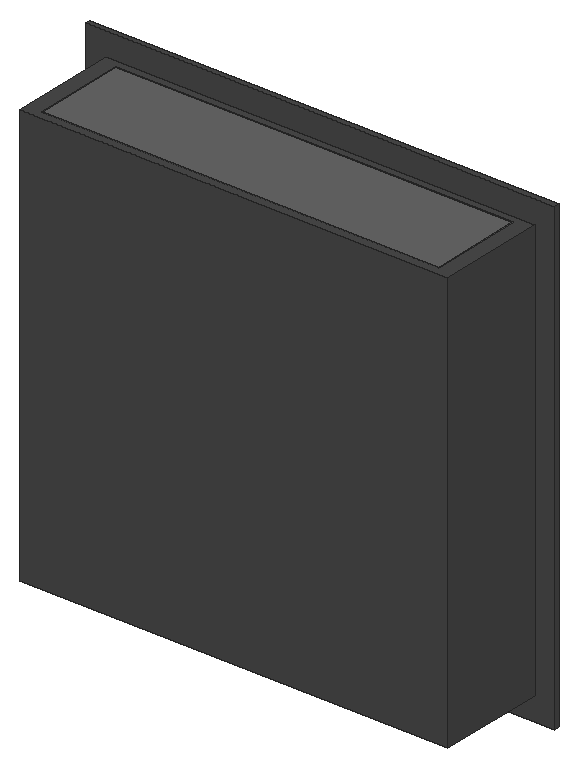
Revit family "Cypher-CY2", category Lighting Fixtures, host Wall, Revit 2021
Family settings
  Host = Wall
  Round Connector Dimension = Use Diameter
  Part Type = Normal
  OmniClass Number = 23.80.70.11.14
  OmniClass Title = General Luminaries, Directional
  Always vertical = Yes
  Cut with Voids When Loaded = No
  Light Source = Yes
  Shared = No
  Room Calculation Point = No
Parameters (values of type "CY2-45-5K7-1-WG-R")
  Watts = 52 W  # constant formula
  Wattage Comments = "52w"  # constant formula
  Wattage = 52 W
  Warranty = "Five year limited warranty "  # constant formula
  built-in parameter 1150110 = 1 (stored number, unit not read)
  Voltage = if([120 Voltage], 120 V, 270 V)  # 120 V
  URL = "https://www.currentlighting.com/aal"
  Up Distributions [instance] = yes
  built-in parameter 1114217 = 1 (stored number, unit not read)
  Tilt Angle = 90.00°
  built-in parameter 1150109 = 1 (stored number, unit not read)
  built-in parameter 1150134 = 2
  built-in parameter 1150113 = 1 (stored number, unit not read)
  Product Page URL = ""
  Product Documentation Link = ""
  Photometric Web File = "CY2-45-5K7-1-WG-R.IES"
  Photometric Notes = "More IES files download Photometric Web Link"  # constant formula
  built-in parameter 1150105 = 380.7 (stored number, unit not read)
  Lumens = 4784 lm
  built-in parameter 1150115 = 1 (stored number, unit not read)
  built-in parameter 1150137 = (empty or 0)
  built-in parameter 1150139 = (empty or 0)
  built-in parameter 1150112 = 1 (stored number, unit not read)
  built-in parameter 1150114 = 1 (stored number, unit not read)
  built-in parameter 1150132 = (empty or 0)
  built-in parameter 1150102 = (empty or 0)
  built-in parameter 1150107 = 5000 (stored number, unit not read)
  built-in parameter 1150138 = (empty or 0)
  built-in parameter 1150106 = 3.807 (stored number, unit not read)
  Glass = Black
  Power Factor = 1
  Features = "Integral Battery Backup Option\r\n• 360° Light Distribution\r\n• RGBW or Static White Luminous Front Option\r\n• IES Type I, II, III & IV Distributions\r\n• Wall Graze, Spot and Pencil Distributions\r\n• Multiple Fascia Options and Finishes\r\n• 0-10V dimming\r\n• IP-66 Housing & Optical System\r\n• 120-277, 347 and 480V\r\n• 3000K, 4000K & 5000K CCT\r\n• 10kA Surge Protection\r\n• Fascia Forms F and E are ADA compliant for use\r\nin low mounting height applications\r\n(80 inches or less)\r\n• IDA approved, downlight only, 3000K\r\nand warmer CCTs\r\n• Occupancy Sensor & Wireless\r\nControl Options"  # constant formula
  Fascia Form [instance] = Panel : Flat - Blank
  Model = "Cypher -CY2  Pedestrian Scale"  # constant formula
  Manufacturer = "Architectural Area Lighting"  # constant formula
  Load Classification = Lighting
  Lamp = "360° Light Distribution"  # constant formula
  Emit from Rectangle Width = 4.00"  # constant formula
  Emit from Rectangle Length = 2.00"  # constant formula
  Emit Shape Visible in Rendering = no
  built-in parameter 1150104 = 8.5471 (stored number, unit not read)
  Down Distributions [instance] = yes
  Dimming Lamp Color Temperature Shift = <None>
  Description = "Cypher allows designers to mix and match optics for best-in-class aesthetics and performance"  # constant formula
  Default Elevation = 0.00"
  Copyright = "Copyright to ARCHITECTURAL AREA LIGHTING"  # constant formula
  Contact us = ""
  Color Filter = 16777215
  Certification = "Luminaire shall be listed with UL for outdoor,\r\nwet location use, UL1598, UL 8750 and\r\nCanadian CSA Std. C22.2 no.250.\r\n• IP66 rated assembly\r\n• IDA approved, 3000K and warmer\r\nCCTs only.\r\n• DesignLights Consortium® (DLC) qualified.\r\nPlease refer to the DLC website for specific\r\nproduct qualifications at www.designlights.org.\r\n• ANSI C136.31-2010 4G Vibration tested\r\nand compliant.\r\n• Complies with Americans with Disabilities\r\nAct or ADA on select versions for low\r\nmounting height applications (fixtures extend\r\nmaximum of 4 inches from wall for mounting\r\nheights of 80 inches or less)."  # constant formula
  Box Finish = Matte Black
  built-in parameter 1114218 = 1 (stored number, unit not read)
  built-in parameter 1150133 = 10 (stored number, unit not read)
  Assembly Code = "D5020"
  Apparent Load = Watts / Power Factor  # 52 VA
  277 Voltage = not([120 Voltage])  # no
  120 Voltage = yes
Types (6): name | URL | Up Distributions | built-in parameter 1150134 | Photometric Web File | built-in parameter 1150105 | Lumens | built-in parameter 1150107 | built-in parameter 1150106 | Fascia Form | built-in parameter 1150104 | Down Distributions
  CY2-25-3K7-1-1-R | "https://www.currentlighting.com/aal" | no | (empty or 0) | "CY2-25-3K7-1-1-R.ies" | 401.39 (stored number, unit not read) | 5044 lm | 3000 (stored number, unit not read) | 4.0139 (stored number, unit not read) | Panel : Circle | 9.0116 (stored number, unit not read) | no
  CY2-25-3K7-1-4D-R | "https://www.currentlighting.com/aal" | no | 3 | "CY2-25-3K7-1-4D-R.IES" | 388.97 (stored number, unit not read) | 4888 lm | 3200 (stored number, unit not read) | 3.8897 (stored number, unit not read) | Panel : Flat - Blank | 8.7329 (stored number, unit not read) | yes
  CY2-35-5K7-1-1D-R | 0.00" | yes | 3 | "CY2-35-5K7-1-1D-R.ies" | 388.97 (stored number, unit not read) | 4888 lm | 3200 (stored number, unit not read) | 3.8897 (stored number, unit not read) | Panel : Flat - Blank | 8.7329 (stored number, unit not read) | yes
  CY2-35-4K7-1-3-R | "https://www.currentlighting.com/aal" | yes | 3 | "CY2-35-4K7-1-3-R.ies" | 388.97 (stored number, unit not read) | 4888 lm | 3200 (stored number, unit not read) | 3.8897 (stored number, unit not read) | Panel : Flat - Blank | 8.7329 (stored number, unit not read) | yes
  CY2-45-5K7-1-WG-R | "https://www.currentlighting.com/aal" | yes | 2 | "CY2-45-5K7-1-WG-R.IES" | 380.7 (stored number, unit not read) | 4784 lm | 5000 (stored number, unit not read) | 3.807 (stored number, unit not read) | Panel : Flat - Blank | 8.5471 (stored number, unit not read) | yes
  CY2-45-3K7-1-SP-R | "https://www.currentlighting.com/aal" | yes | 3 | "CY2-45-3K7-1-SP-R.IES" | 388.97 (stored number, unit not read) | 4888 lm | 3200 (stored number, unit not read) | 3.8897 (stored number, unit not read) | Panel : Flat - Blank | 8.7329 (stored number, unit not read) | yes
Reference planes (in)
  plane 1 "Wall": y = 0
  plane 2 "Center (Left/Right)": x = 4.92126
  plane 3 "Back": y = 2.95276
  plane 4: z = 67.32601
Text (in)
  text "Placement Side" at (-36.97918, 19.73443, 0), in view "Ref. Level"
  text "Placement side" at (0, 27.32912, 79.68064), in view "Left"
  text "Placement side" at (0, 10.24977, 82.91007), in view "Right"
Dimensions and locks (in)
  locked: plane 3 "Back" to host wall
  aligned and locked: plane 1 "Wall" to host wall
  aligned and locked: nested 1 to plane 2 "Center (Left/Right)"
  aligned and locked: nested 1 to plane 4
  aligned and locked: plane 2 "Center (Left/Right)" to imposter light
Nested families (in)
  nested 1: "Panel" at (4.92126, 2.95276, 67.32601) x (-1, 0, 0) z (0, 1, 0), type <- "Fascia Form", Panel <- "Box Finish", Glass <- "Glass", Up Distributions <- "Up Distributions", Down Distributions <- "Down Distributions", type "Flat - Blank"
    with Up Distributions yes, UP no, Panel Matte Black, Glass Black, Down Distributions yes, Down no
Connectors (in)
  electrical at (4.92126, 3.20276, 67.32601), driven by "Load Classification", driven by "Voltage", driven by "Apparent Load", driven by "Power Factor"
    settings: on nested 1, index 1, voltage 120 V, apparent load 52 VA, apparent load phase1 0 VA, apparent load phase2 0 VA, apparent load phase3 0 VA, power factor 1, load classification "Lighting", number of poles 1, system type 30, power factor state 1, is connector primary yes, connector utility no, sub classification motor no, connector description "Lighting Connector"
Definition of nested family "Panel"
  Parameters
    zz Length 4 = 15.00"
    zz Length 3 = 0.94"
    zz Length 2 = 13.50"
    zz Length 1 = 13.70"
    URL = ""
    Up Distributions [instance] = yes
    UP [instance] = not(Up Distributions)  # no
    Triangle = no
    Rounded = no
    Radius = yes
    Flat = no
    F-Open = no
    F-Blank = no
    R-4 Square = no
    R-Open = no
    Model = ""
    Manufacturer = ""
    R-Blank = no
    Panel [instance] = none
    Glass [instance] = none
    F-4 Square = no
    Down Distributions [instance] = yes
    Down [instance] = not(Down Distributions)  # no
    Description = ""
    Default Elevation = 48.00"
    Circle = no
  Reference planes (in)
    plane 1 "Center (Front/Back)": y = 0
    plane 2: z = 0
    plane 3 "Center (Left/Right)": x = 0
    plane 4: x = -7.85
    plane 5: y = 7.75
    plane 6: y = -7.75
    plane 7: x = 7.85
    plane 8: x = -2
    plane 9: x = 2
    plane 10: y = 2
    plane 11: y = -2
    plane 12: x = -6.85
    plane 13: x = 6.85
    plane 14: y = 6.75
    plane 15: y = -6.75
    plane 16: z = 6.9
    plane 17: x = -7.5
    plane 18: x = 7.5
    plane 19: y = -7.5
    plane 20: y = 7.5
    plane 21: z = 3.45
    plane 22: y = 7.31
    plane 23: y = -7.69
    plane 24: y = -6.75
    plane 25: z = 5.3
    plane 26: x = 8.9
    plane 27: x = -8.9
    plane 28: z = 5.7
    plane 29: z = 0.9
  Forms (in)
    Extrusion 1, solid
      sketch origin (0, 0, 0) x (1, 0, 0) y (0, 1, 0)
        loop
          line (-48, 48) -> (-48, -48) -> (48, -48) -> (48, 48) -> (-48, 48)
      from 0 to -12
    Extrusion 2, solid, material <- "Panel", visible <- "Radius"
      sketch origin (0, 0, -5.12088) x (1, 0, 0) y (0, 0, 1)
        loop
          line (-7.85, 7.62088) -> (-7.70499, 7.53216)
          arc (-7.70499, 7.53216) -> (0, 11.85088) -> (7.70499, 7.53216) r 9.03256
          line (7.70499, 7.53216) -> (7.85, 7.62088)
          arc (7.85, 7.62088) -> (0, 12.02088) -> (-7.85, 7.62088) r 9.20256
      from 7.69 to -7.31
    Extrusion 3, void
      sketch origin (0, 0, 0) x (1, 0, 0) y (0, 1, 0)
        loop
          line (-2, 2) -> (-2, -2) -> (2, -2) -> (2, 2) -> (-2, 2)
      from 7.43003 to 0.25
    Extrusion 4, solid, material <- "Glass", visible <- "R-Open"
      sketch origin (0, 0, -8.59835) x (1, 0, 0) y (0, 0, 1)
        loop
          line (-2, 15.27839) -> (-2, 15.19641)
          arc (-2, 15.19641) -> (0, 15.41835) -> (2, 15.19641) r 9.12256
          line (2, 15.19641) -> (2, 15.27839)
          arc (2, 15.27839) -> (0, 15.49835) -> (-2, 15.27839) r 9.20256
      from 2 to -2
    Extrusion 5, solid, material <- "Panel", visible <- "R-Blank"
      sketch origin (0, 0, -8.65303) x (1, 0, 0) y (0, 0, 1)
        loop
          line (-2, 15.33095) -> (-2, 15.24912)
          arc (-2, 15.24912) -> (0, 15.46275) -> (2, 15.24912) r 9.46875
          line (2, 15.24912) -> (2, 15.33095)
          arc (2, 15.33095) -> (0, 15.54275) -> (-2, 15.33095) r 9.54875
      from 2 to -2
    Extrusion 6, solid, material <- "Panel", visible <- "R-4 Square"
      sketch origin (0, 0, -8.64522) x (1, 0, 0) y (0, 0, 1)
        loop
          line (-2, 15.32526) -> (-2, 15.24328)
          arc (-2, 15.24328) -> (0, 15.46522) -> (2, 15.24328) r 9.12256
          line (2, 15.24328) -> (2, 15.32526)
          arc (2, 15.32526) -> (0, 15.54522) -> (-2, 15.32526) r 9.20256
      from 2 to -2
    Extrusion 7, void
      sketch origin (0, 0, 0) x (1, 0, 0) y (0, 1, 0)
        loop
          line (-2, 2) -> (-2, 0.125) -> (-0.125, 0.125) -> (-0.125, 2) -> (-2, 2)
        loop
          line (2, 2) -> (0.125, 2) -> (0.125, 0.125) -> (2, 0.125) -> (2, 2)
        loop
          line (-2, -2) -> (-0.125, -2) -> (-0.125, -0.125) -> (-2, -0.125) -> (-2, -2)
        loop
          line (2, -2) -> (2, -0.125) -> (0.125, -0.125) -> (0.125, -2) -> (2, -2)
      from 7.47083 to 2.5679
    Extrusion 8, solid, material <- "Panel"
      sketch origin (0, 0, 0) x (1, 0, 0) y (0, 1, 0)
        loop
          line (-6.85, 6.75) -> (-6.85, -6.75) -> (6.85, -6.75) -> (6.85, 6.75) -> (-6.85, 6.75)
      from 0 to 3.45
    Extrusion 9, solid, material <- "Panel", visible <- "Flat"
      sketch origin (0, 0, 0) x (1, 0, 0) y (0, 1, 0)
        loop
          line (-7.5, 7.5) -> (-7.5, -7.5) -> (7.5, -7.5) -> (7.5, 7.5) -> (-7.5, 7.5)
      from 3.45 to 3.6
    Extrusion 10, solid, material <- "Panel", visible <- "F-Blank"
      sketch origin (0, 0, 0) x (1, 0, 0) y (0, 1, 0)
        loop
          line (-2, 2) -> (-2, -2) -> (2, -2) -> (2, 2) -> (-2, 2)
      from 3.51565 to 3.6
    Extrusion 11, solid, material <- "Glass", visible <- "F-Open"
      sketch origin (0, 0, 0) x (1, 0, 0) y (0, 1, 0)
        loop
          line (-2, 2) -> (-2, -2) -> (2, -2) -> (2, 2) -> (-2, 2)
      from 3.45 to 3.51565
    Extrusion 12, solid, material <- "Panel", visible <- "F-4 Square"
      sketch origin (0, 0, 0) x (1, 0, 0) y (0, 1, 0)
        loop
          line (-2, 2) -> (-2, -2) -> (2, -2) -> (2, 2) -> (-2, 2)
      from 3.51565 to 3.6
    Extrusion 13, void
      sketch origin (0, 0, 0) x (1, 0, 0) y (0, 0, 1)
        loop
          line (-6.35, 3.2) -> (-6.35, 0.25) -> (6.35, 0.25) -> (6.35, 3.2) -> (-6.35, 3.2)
      from -7.31 to 7.69
    Extrusion 14, solid, material <- "Glass"
      sketch origin (6.85, -6.75, 0) x (-1, 0, 0) y (0, 0, -1)
        loop
          line (13.2, -3.2) -> (13.2, -0.25) -> (0.5, -0.25) -> (0.5, -3.2) -> (13.2, -3.2)
      from -13.5 to 0
    Extrusion 15, solid, material <- "Panel", visible <- "Triangle"
      sketch origin (0, 0, 0) x (1, 0, 0) y (0, 0, 1)
        loop
          line (-8.9, 0) -> (-6.85, 0) -> (-6.85, 3.45) -> (6.85, 3.45) -> (6.85, 0) -> (8.9, 0) -> (8.9, 3.45) -> (0, 5.3) -> (-8.9, 3.45) -> (-8.9, 0)
      from -7.31 to 7.69
    Extrusion 16, solid, material <- "Panel", visible <- "Rounded"
      sketch origin (0, 0, 0) x (1, 0, 0) y (0, 0, 1)
        loop
          arc (-6.925, 3.8) -> (-8.825, 1.9) -> (-6.925, 0) r 1.9
          line (-6.925, 0) -> (7, 0)
          arc (7, 0) -> (8.9, 1.9) -> (7, 3.8) r 1.9
          line (7, 3.8) -> (-6.925, 3.8)
        loop
          line (-6.5, 3.35) -> (-6.5, 0.1) -> (6.5, 0.1) -> (6.5, 3.35) -> (-6.5, 3.35)
      from -7.31 to 7.69
    Extrusion 17, solid, material <- "Panel", visible <- "Circle"
      sketch origin (0, 0, 0) x (1, 0, 0) y (0, 0, 1)
        loop
          line (-10.33592, 0.99215) -> (-10.24377, 0.9)
          arc (-10.24377, 0.9) -> (0, 5.57) -> (10.24377, 0.9) r 13.57
          line (10.24377, 0.9) -> (10.33592, 0.99215)
          arc (10.33592, 0.99215) -> (0, 5.7) -> (-10.33592, 0.99215) r 13.7
      from -7.31 to 7.69
    Extrusion 18, void
      sketch origin (0, 0, 0) x (1, 0, 0) y (0, 1, 0)
        loop
          circle (0, 0) r 10
        loop
          circle (0, 0) r 18.75
      from 0 to 12
    Extrusion 19, solid, material <- "Panel", visible <- "UP"
      sketch origin (-6.85, 6.75, 0) x (1, 0, 0) y (0, 0, -1)
        loop
          line (0.5, -3.2) -> (13.2, -3.2) -> (13.2, -0.25) -> (0.5, -0.25) -> (0.5, -3.2)
      from 0 to -0.25
    Extrusion 20, solid, material <- "Panel", visible <- "Down"
      sketch origin (0, -6.75, 1.25) x (0, 0, 1) y (-1, 0, 0)
        loop
          line (1.95, 6.35) -> (-1, 6.35) -> (-1, -6.35) -> (1.95, -6.35) -> (1.95, 6.35)
      from 0 to -0.25
  Cuts and joins
    Extrusion 3 cuts Extrusion 2
    Extrusion 7 cuts Extrusion 6
    Extrusion 3 cuts Extrusion 9
    Extrusion 7 cuts Extrusion 12
    Extrusion 3, Extrusion 13 cuts Extrusion 8
    Extrusion 18 cuts Extrusion 17
  Dimensions and locks (in)
    equal spacing: plane 5, plane 1 "Center (Front/Back)", plane 6
    locked: plane 6 to plane 5 at 15.5
    equal spacing: plane 4, plane 3 "Center (Left/Right)", plane 7
    locked: plane 4 to plane 7 at 15.7
    equal spacing: plane 8, plane 3 "Center (Left/Right)", plane 9
    equal spacing: plane 10, plane 1 "Center (Front/Back)", plane 11
    locked: plane 8 to plane 3 "Center (Left/Right)" at 2
    locked: plane 1 "Center (Front/Back)" to plane 10 at 2
    equal spacing: plane 12, plane 3 "Center (Left/Right)", plane 13
    equal spacing: plane 14, plane 1 "Center (Front/Back)", plane 15
    "zz Length 1": plane 12 to plane 13
    "zz Length 2": plane 14 to plane 15
    locked: plane 16 to plane 2 at 6.9
    equal spacing: plane 17, plane 3 "Center (Left/Right)", plane 18
    equal spacing: plane 19, plane 1 "Center (Front/Back)", plane 20
    locked: plane 19 to plane 20 at 15
    locked: plane 17 to plane 18 at 15
    locked: plane 21 to plane 2 at 3.45
    locked: Extrusion 8 to Extrusion 13 sketch curve at 0.5  (x2)
    locked: Extrusion 13 sketch curve to Extrusion 1 at 0.25
    locked: plane 21 to Extrusion 13 sketch curve at 0.25
    "zz Length 4": plane 23 to plane 22
    "zz Length 3": plane 24 to plane 23
    locked: plane 25 to plane 2 at 5.3
    equal spacing: plane 26, plane 3 "Center (Left/Right)", plane 27
    locked: plane 26 to plane 27 at 17.8
    locked: plane 28 to plane 2 at 5.7
    locked: plane 28 to plane 29 at 4.8
    aligned and locked: plane 2 to Extrusion 1
    aligned and locked: level to Extrusion 1
    aligned and locked: Extrusion 3 sketch curve to plane 10
    aligned and locked: plane 8 to Extrusion 3 sketch curve
    aligned and locked: Extrusion 3 sketch curve to plane 11
    aligned and locked: plane 9 to Extrusion 3 sketch curve
    aligned and locked: plane 10 to Extrusion 4
    aligned and locked: plane 11 to Extrusion 4
    aligned and locked: plane 10 to Extrusion 5
    aligned and locked: plane 11 to Extrusion 5
    aligned and locked: plane 10 to Extrusion 6
    aligned and locked: plane 11 to Extrusion 6
    aligned and locked: Extrusion 7 sketch curve to plane 10
    aligned and locked: plane 8 to Extrusion 7 sketch curve
    aligned and locked: Extrusion 7 sketch curve to plane 8
    aligned and locked: Extrusion 7 sketch curve to plane 9
    aligned and locked: plane 9 to Extrusion 7 sketch curve
    aligned and locked: Extrusion 7 sketch curve to plane 11
    aligned and locked: plane 11 to Extrusion 7 sketch curve
    aligned and locked: plane 10 to Extrusion 7 sketch curve
    aligned and locked: plane 14 to Extrusion 8 sketch curve
    aligned and locked: plane 20 to Extrusion 9 sketch curve
    aligned and locked: plane 17 to Extrusion 9 sketch curve
    aligned and locked: plane 19 to Extrusion 9 sketch curve
    aligned and locked: plane 18 to Extrusion 9 sketch curve
    aligned and locked: Extrusion 10 sketch curve to cut or joined group of Extrusion 2, Extrusion 3  (x4)
    aligned and locked: Extrusion 12 sketch curve to cut or joined group of Extrusion 2, Extrusion 3  (x4)
    aligned and locked: Extrusion 14 sketch curve to cut or joined group of Extrusion 3, Extrusion 8, Extrusion 13  (x4)
    aligned and locked: plane 22 to Extrusion 2
    aligned and locked: plane 23 to Extrusion 2
    aligned and locked: cut or joined group of Extrusion 2, Extrusion 3 to Extrusion 15
    aligned and locked: Extrusion 15 to cut or joined group of Extrusion 2, Extrusion 3
    aligned and locked: Extrusion 13 to cut or joined group of Extrusion 2, Extrusion 3
    aligned and locked: plane 15 to Extrusion 8 sketch curve
    aligned and locked: Extrusion 16 sketch curve to Extrusion 15
    aligned and locked: plane 23 to Extrusion 16
    aligned and locked: plane 22 to Extrusion 16
    aligned and locked: Extrusion 17 to cut or joined group of Extrusion 2, Extrusion 3
    aligned and locked: cut or joined group of Extrusion 2, Extrusion 3 to Extrusion 17
    aligned and locked: cut or joined group of Extrusion 2, Extrusion 3 to Extrusion 13
    aligned and locked: cut or joined group of Extrusion 3, Extrusion 8, Extrusion 13 to Extrusion 14
    aligned and locked: Extrusion 19 sketch curve to cut or joined group of Extrusion 3, Extrusion 8, Extrusion 13  (x4)
  Automatic sketch dimensions
    Extrusion 1 sketch curve to Extrusion 1 sketch curve = 96.00"  (x2)
    Extrusion 2 sketch curve to Extrusion 2 sketch curve = 0.00"  (x2)
    Extrusion 2 sketch curve to plane 4 = 0.00"
    plane 7 to Extrusion 2 sketch curve = 0.00"
    plane 4 to Extrusion 2 sketch curve = 0.14501"
    Extrusion 2 sketch curve to plane 21 = 1.03872"
    Extrusion 2 sketch curve to plane 3 "Center (Left/Right)" = 0.00"
    plane 7 to Extrusion 2 sketch curve = 0.14501"
    Extrusion 2 sketch curve to Extrusion 2 sketch curve = 0.08872"
    Extrusion 2 sketch curve to level = 2.30256"
    Extrusion 4 sketch curve to Extrusion 4 sketch curve = 0.00"  (x2)
    Extrusion 4 sketch curve to plane 8 = 0.00"
    plane 9 to Extrusion 4 sketch curve = 0.00"
    Extrusion 4 sketch curve to plane 16 = 0.30194"
    Extrusion 4 sketch curve to plane 3 "Center (Left/Right)" = 0.00"
    Extrusion 4 sketch curve to Extrusion 4 sketch curve = 0.08198"
    Extrusion 4 sketch curve to level = 2.30256"
    Extrusion 5 sketch curve to Extrusion 5 sketch curve = 0.00"  (x2)
    Extrusion 5 sketch curve to plane 8 = 0.00"
    plane 9 to Extrusion 5 sketch curve = 0.00"
    Extrusion 5 sketch curve to plane 16 = 0.30391"
    Extrusion 5 sketch curve to plane 3 "Center (Left/Right)" = 0.00"
    Extrusion 5 sketch curve to Extrusion 5 sketch curve = 0.08183"
    Extrusion 5 sketch curve to level = 2.65904"
    Extrusion 6 sketch curve to Extrusion 6 sketch curve = 0.00"  (x2)
    Extrusion 6 sketch curve to plane 8 = 0.00"
    plane 9 to Extrusion 6 sketch curve = 0.00"
    Extrusion 6 sketch curve to plane 16 = 0.30194"
    Extrusion 6 sketch curve to plane 3 "Center (Left/Right)" = 0.00"
    Extrusion 6 sketch curve to Extrusion 6 sketch curve = 0.08198"
    Extrusion 6 sketch curve to level = 2.30256"
    Extrusion 7 sketch curve to plane 3 "Center (Left/Right)" = 0.125"  (x2)
    plane 1 "Center (Front/Back)" to Extrusion 7 sketch curve = 0.125"  (x2)
    plane 3 "Center (Left/Right)" to Extrusion 7 sketch curve = 0.125"  (x2)
    Extrusion 7 sketch curve to plane 1 "Center (Front/Back)" = 0.125"  (x2)
    Extrusion 11 sketch curve to plane 8 = 0.00"
    Extrusion 11 sketch curve to plane 9 = 0.00"
    plane 11 to Extrusion 11 sketch curve = 0.00"
    Extrusion 11 sketch curve to plane 10 = 0.00"
    Extrusion 15 sketch curve to level = 0.00"  (x2)
    Extrusion 15 sketch curve to plane 27 = 0.00"
    Extrusion 15 sketch curve to plane 21 = 0.00"  (x3)
    Extrusion 15 sketch curve to plane 3 "Center (Left/Right)" = 0.00"
    plane 26 to Extrusion 15 sketch curve = 0.00"
    Extrusion 15 sketch curve to plane 25 = 0.00"
    plane 17 to Extrusion 15 sketch curve = 0.65"
    plane 18 to Extrusion 15 sketch curve = 0.65"
    plane 17 to Extrusion 16 sketch curve = 0.575"
    level to Extrusion 16 sketch curve = 0.10"
    Extrusion 16 sketch curve to Extrusion 16 sketch curve = 0.425"
    Extrusion 16 sketch curve to plane 21 = 0.10"
    plane 18 to Extrusion 16 sketch curve = 1.00"
    plane 18 to Extrusion 16 sketch curve = 0.50"
    plane 21 to Extrusion 16 sketch curve = 0.35"
    Extrusion 17 sketch curve to Extrusion 17 sketch curve = 0.00"  (x2)
    Extrusion 17 sketch curve to plane 29 = 0.00"  (x2)
    plane 29 to Extrusion 17 sketch curve = 0.09215"  (x2)
    Extrusion 17 sketch curve to plane 27 = 1.43592"
    Extrusion 17 sketch curve to plane 3 "Center (Left/Right)" = 0.00"
    Extrusion 17 sketch curve to Extrusion 17 sketch curve = 0.09215"
    Extrusion 17 sketch curve to level = 8.00"
    Extrusion 18 sketch curve to Extrusion 18 sketch curve = 0.00"  (x2)
    plane 1 "Center (Front/Back)" to Extrusion 18 sketch curve = 0.00"
    Extrusion 18 sketch curve to plane 3 "Center (Left/Right)" = 0.00"
    level to Extrusion 20 sketch curve = 0.25"
    Extrusion 20 sketch curve to plane 21 = 0.25"
    plane 18 to Extrusion 20 sketch curve = 1.15"
    plane 17 to Extrusion 20 sketch curve = 1.15"
    Extrusion 8 sketch curve to plane 12 = 0.00"
    Extrusion 8 sketch curve to plane 13 = 0.00"
    radius of Extrusion 18 sketch curve = 10.00"
    radius of Extrusion 18 sketch curve = 18.75"
